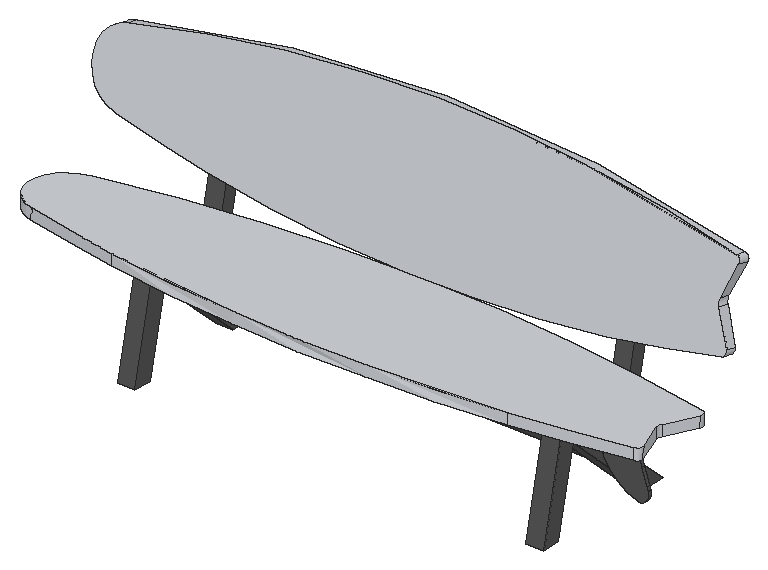
Revit family "Buddy Bench Outdoor", category Furniture, Revit 2020
Family settings
  OmniClass Number = 23.40.20.00
  OmniClass Title = General Furniture and Specialties
  Work Plane-Based = No
  Always vertical = Yes
  Cut with Voids When Loaded = No
  Shared = No
  Room Calculation Point = No
Parameters
  UK Secondary Seat Count = 3
  UK Primary Seat Count = 4
  Seat Back [instance] = Fiberglass, Unspecified
  Model = "PH72-Buddy-Logo-Outdoor"
  HS Seat Count = 3
  Frame [instance] = Frame, Powder Coat, Black
  Edge [instance] = Fiberglass, Unspecified
  ES Seat Count = 4
  Default Elevation = 0' - 0"
  Cost = 3
  Bench [instance] = Fiberglass, Unspecified
Reference planes (in)
  plane 1 "Center Front/Back": y = 0
  plane 2: z = 0
  plane 3 "Center Left/Right": x = 0
  plane 4: z = 14.34476
  plane 5: z = 13.16281
Forms (in)
  Extrusion 1, solid, material "Frame, Powder Coat, Black" <- "Frame"
    sketch origin (0, 0, 0) x (0, 1, 0) y (0, 0, 1)
      loop
        line (11.28533, 25.13073) -> (6.78778, 5.64969) -> (0.77297, 11.25859) -> (0.95964, 12.06716) -> (-1.06843, 12.17345) -> (-3.87889, 0) -> (-1.82628, 0) -> (0.25347, 9.00838) -> (9.91377, 0) -> (12.84633, 0) -> (8.05452, 4.46843) -> (12.74689, 24.7933) -> (11.28533, 25.13073)
    from -24 to -22
  Extrusion 2, solid, material "Frame, Powder Coat, Black" <- "Frame"
    sketch origin (0, 0, 0) x (0, 1, 0) y (0, 0, 1)
      loop
        line (11.28533, 25.13073) -> (6.78778, 5.64969) -> (0.77297, 11.25859) -> (0.95964, 12.06716) -> (-1.06843, 12.17345) -> (-3.87889, 0) -> (-1.82628, 0) -> (0.25347, 9.00838) -> (9.91377, 0) -> (12.84633, 0) -> (8.05452, 4.46843) -> (12.74689, 24.7933) -> (11.28533, 25.13073)
    from 22 to 24
  Extrusion 3, solid, material "Frame, Powder Coat, Black" <- "Frame"
    sketch origin (0, 0, 0) x (0, 1, 0) y (0, 0, 1)
      loop
        line (2.49657, 13.02729) -> (-2.49657, 13.28897) -> (-2.55096, 12.25115) -> (2.44218, 11.98947) -> (2.49657, 13.02729)
    from -31 to 31
  Extrusion 4, solid, material "Frame, Powder Coat, Black" <- "Frame"
    sketch origin (0, -1.71471, 1.57702) x (0, 1, 0) y (0, 0, 1)
      loop
        circle (6.87899, 4.23013) r 1
    from -22 to 22
  Extrusion 5, solid
    sketch origin (0, -0.71987, 0.01667) x (1, 0, 0) y (0, 0.99863, -0.052336)
      loop
        line (35.39559, -4.06788) -> (33.94119, -0.48046)
        spline (33.94119, -0.48046) -> (33.91554, -0.41087) -> (33.89441, -0.33978) -> (33.87789, -0.26749) -> (33.86604, -0.19428) -> (33.85891, -0.12047) -> (33.85653, -0.04635) -> (33.85891, 0.02776) -> (33.86604, 0.10157) -> (33.87789, 0.17478) -> (33.89441, 0.24707) -> (33.91554, 0.31816) -> (33.94119, 0.38776)
        line (33.94119, 0.38776) -> (35.39559, 3.97517)
        arc (35.39559, 3.97517) -> (35.3701, 4.4739) -> (34.97174, 4.77505) r 0.59096
        spline (34.97174, 4.77505) -> (29.33521, 5.87932) -> (23.66182, 6.77579) -> (17.95926, 7.46325) -> (12.23522, 7.94062) -> (6.49747, 8.20741) -> (0.75377, 8.26324) -> (-4.98809, 8.10791) -> (-10.72034, 7.74176) -> (-16.43523, 7.16529) -> (-22.12499, 6.37914) -> (-27.78195, 5.38452) -> (-33.39845, 4.18276)
        spline (-33.39845, 4.18276) -> (-34.31254, 3.85844) -> (-35.13192, 3.33993) -> (-35.81597, 2.65293) -> (-36.3303, 1.83141) -> (-36.64957, 0.91652) -> (-36.75791, -0.04635) -> (-36.64957, -1.00922) -> (-36.3303, -1.92412) -> (-35.81597, -2.74564) -> (-35.13192, -3.43264) -> (-34.31254, -3.95115) -> (-33.39845, -4.27547)
        spline (-33.39845, -4.27547) -> (-32.50338, -4.48149) -> (-31.60713, -4.68225) -> (-30.7097, -4.87774) -> (-29.81113, -5.06796) -> (-28.91147, -5.25288) -> (-28.01072, -5.43252) -> (-27.10894, -5.60687) -> (-26.20614, -5.77591) -> (-25.30236, -5.93964) -> (-24.39764, -6.09806) -> (-23.49199, -6.25115) -> (-22.58546, -6.39893)
        spline (-22.58546, -6.39893) -> (-18.85734, -6.94938) -> (-15.117, -7.40979) -> (-11.36662, -7.77993) -> (-7.60839, -8.05954) -> (-3.84449, -8.24842) -> (-0.07712, -8.34651) -> (3.69152, -8.35377) -> (7.45924, -8.27018) -> (11.22384, -8.09574) -> (14.98312, -7.83059) -> (18.7349, -7.47491) -> (22.47699, -7.02889)
        spline (22.47699, -7.02889) -> (23.5245, -6.8876) -> (24.57103, -6.73923) -> (25.61652, -6.58379) -> (26.66094, -6.42128) -> (27.70423, -6.25171) -> (28.74635, -6.07509) -> (29.78725, -5.89142) -> (30.82687, -5.70072) -> (31.86518, -5.503) -> (32.90213, -5.29825) -> (33.93766, -5.0865) -> (34.97174, -4.86776)
        arc (34.97174, -4.86776) -> (35.3701, -4.56661) -> (35.39559, -4.06788) r 0.59096
    from 13.16281 to 14.34476
  Extrusion 6, solid
    sketch origin (0, 22.52183, 19.92068) x (1, 0, 0) y (0, 0.224951, 0.97437)
      loop
        line (35.39559, -4.06788) -> (33.94119, -0.48046)
        spline (33.94119, -0.48046) -> (33.91554, -0.41087) -> (33.89441, -0.33978) -> (33.87789, -0.26749) -> (33.86604, -0.19428) -> (33.85891, -0.12047) -> (33.85653, -0.04635) -> (33.85891, 0.02776) -> (33.86604, 0.10157) -> (33.87789, 0.17478) -> (33.89441, 0.24707) -> (33.91554, 0.31816) -> (33.94119, 0.38776)
        line (33.94119, 0.38776) -> (35.39559, 3.97517)
        arc (35.39559, 3.97517) -> (35.3701, 4.4739) -> (34.97174, 4.77505) r 0.59096
        spline (34.97174, 4.77505) -> (29.33521, 5.87932) -> (23.66182, 6.77579) -> (17.95926, 7.46325) -> (12.23522, 7.94062) -> (6.49747, 8.20741) -> (0.75377, 8.26324) -> (-4.98809, 8.10791) -> (-10.72034, 7.74176) -> (-16.43523, 7.16529) -> (-22.12499, 6.37914) -> (-27.78195, 5.38452) -> (-33.39845, 4.18276)
        spline (-33.39845, 4.18276) -> (-34.31254, 3.85844) -> (-35.13192, 3.33993) -> (-35.81597, 2.65293) -> (-36.3303, 1.83141) -> (-36.64957, 0.91652) -> (-36.75791, -0.04635) -> (-36.64957, -1.00922) -> (-36.3303, -1.92412) -> (-35.81597, -2.74564) -> (-35.13192, -3.43264) -> (-34.31254, -3.95115) -> (-33.39845, -4.27547)
        spline (-33.39845, -4.27547) -> (-32.50338, -4.48149) -> (-31.60713, -4.68225) -> (-30.7097, -4.87774) -> (-29.81113, -5.06796) -> (-28.91147, -5.25288) -> (-28.01072, -5.43252) -> (-27.10894, -5.60687) -> (-26.20614, -5.77591) -> (-25.30236, -5.93964) -> (-24.39764, -6.09806) -> (-23.49199, -6.25115) -> (-22.58546, -6.39893)
        spline (-22.58546, -6.39893) -> (-18.85734, -6.94938) -> (-15.117, -7.40979) -> (-11.36662, -7.77993) -> (-7.60839, -8.05954) -> (-3.84449, -8.24842) -> (-0.07712, -8.34651) -> (3.69152, -8.35377) -> (7.45924, -8.27018) -> (11.22384, -8.09574) -> (14.98312, -7.83059) -> (18.7349, -7.47491) -> (22.47699, -7.02889)
        spline (22.47699, -7.02889) -> (23.5245, -6.8876) -> (24.57103, -6.73923) -> (25.61652, -6.58379) -> (26.66094, -6.42128) -> (27.70423, -6.25171) -> (28.74635, -6.07509) -> (29.78725, -5.89142) -> (30.82687, -5.70072) -> (31.86518, -5.503) -> (32.90213, -5.29825) -> (33.93766, -5.0865) -> (34.97174, -4.86776)
        arc (34.97174, -4.86776) -> (35.3701, -4.56661) -> (35.39559, -4.06788) r 0.59096
    from 13.16281 to 14.34476
  Extrusion 7, solid, material "Frame, Powder Coat, Black" <- "Frame"
    sketch origin (0, -0.68712, 0.01327) x (1, 0, 0) y (0, 0.052336, 0.99863)
      loop
        spline (27.38691, 13.16281) -> (27.31603, 12.41565) -> (27.33626, 11.66543) -> (27.44729, 10.92317) -> (27.6475, 10.1998) -> (27.93394, 9.50595) -> (28.3024, 8.85184) -> (28.74745, 8.2471) -> (29.26254, 7.70061) -> (29.8401, 7.22042) -> (30.47163, 6.8136) -> (31.14784, 6.48613) -> (31.85878, 6.24282)
        spline (31.85878, 6.24282) -> (32.03835, 6.21054) -> (32.2208, 6.21138) -> (32.40006, 6.24531) -> (32.57017, 6.3112) -> (32.72546, 6.40685) -> (32.86076, 6.52909) -> (32.97156, 6.67385) -> (33.05418, 6.8363) -> (33.10587, 7.01104) -> (33.12491, 7.19225) -> (33.11066, 7.3739) -> (33.0636, 7.54994)
        line (33.0636, 7.54994) -> (32.24669, 9.76941)
        spline (32.24669, 9.76941) -> (32.15377, 10.06964) -> (32.09285, 10.37794) -> (32.0646, 10.69091) -> (32.06934, 11.00512) -> (32.10701, 11.31711) -> (32.17719, 11.62344) -> (32.27913, 11.92074) -> (32.41168, 12.20574) -> (32.5734, 12.47531) -> (32.76251, 12.72648) -> (32.97692, 12.95649) -> (33.21428, 13.16281)
        line (33.21428, 13.16281) -> (27.38691, 13.16281)
    from -0.125 to 0.125
  Extrusion 8, solid, material "Frame, Powder Coat, Black" <- "Frame"
    sketch origin (0, 22.81693, 20.60945) x (0, 0.173648, 0.984808) y (0, -0.984808, 0.173648)
      loop
        line (2.5047, 13.18239) -> (-2.48845, 13.44407) -> (-2.543, 12.4032) -> (2.45015, 12.14152) -> (2.5047, 13.18239)
    from -31 to 31
Dimensions and locks (in)
  aligned and locked: level to plane 2
